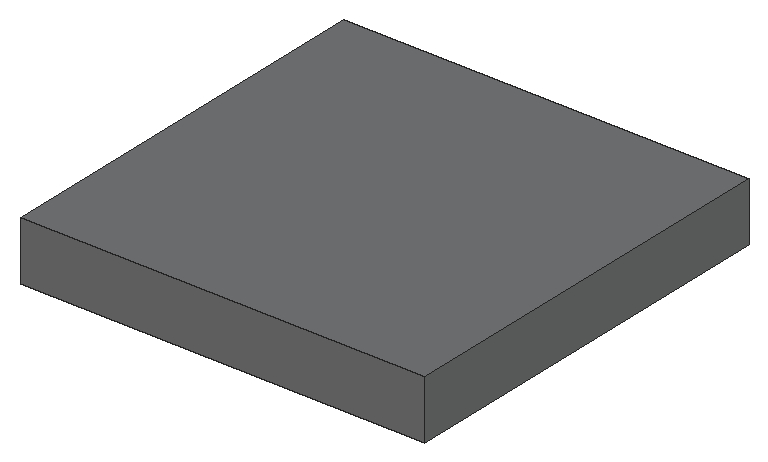
Revit family "Gira_536003", category Electrical Fixtures, host Face, Revit 2017
Family settings
  Host = Face
  Maintain Annotation Orientation = No
  Round Connector Dimension = Use Diameter
  Part Type = Normal
  Cut with Voids When Loaded = No
  Shared = No
  Room Calculation Point = No
Parameters (values of type "S3000 op.top System 55 p.white")
  With LED indication = "No"
  URL = "http://katalog.gira.de/en/datenblatt.html?artikelnr=536003"
  Transparent = "No"
  Suitable for application with venetian shutter switch = "Yes"
  Suitable for application with switch = "No"
  Suitable for application with dimmer = "No"
  Number of actuation points = "2"
  Name = "S3000 op.top System 55 p.white"
  Manufacturer URL = "https://www.gira.de/"
  Manufacturer = "Gira"
  Keynote = ""
  HeinzeBIM = "https://bimportal.heinze.de/bim/s3000-op-top-system-55-p-white/f022fe541311a86727d69f2116d000c4fe646f6a"
  HAN = "536003"
  GTIN = "4010337027218"
  Description = "S3000 op.top Sys55 PW,System 3000 operating top unit,,pure white glossy,"
  Default Elevation = 1219.2 mm
  Data sheet (1) = "https://katalog.gira.de/en/download.html?artikelnr=536003"
  Category = "Intelligent control element"
  BIM (1) = "https://media.stage.bim.site/public/gira/36a6b08/Sys55_Abdeckung_Schalten und Tasten.rfa?public/gira/36a6b08/Sys55_Abdeckung_Schalten und Tasten.rfa"
  Available = "No"
  Application = "Control of electrical users"
  Anthrazit [instance] = Anthrazit
Reference planes
  plane 1 "Center (Front/Back)": y = 0
  plane 2: z = 0
  plane 3 "Center (Left/Right)": x = 0
Forms (mm)
  Extrusion 1, solid, material "Anthrazit" <- "Anthrazit", detail levels fine
    sketch origin (0, 0, 0) x (1, 0, 0) y (0, 1, 0)
      loop
        line (-27.5, 27.5) -> (-27.5, -27.5) -> (27.5, -27.5) -> (27.5, 27.5) -> (-27.5, 27.5)
    from 0 to 8
  Extrusion 2, void
    sketch origin (0, 0, 0) x (1, 0, 0) y (0, 1, 0)
      loop
        line (26, 26) -> (-26, 26) -> (-26, -26) -> (26, -26) -> (26, 26)
    from 0 to 6
  Extrusion 3, solid, material "Anthrazit" <- "Anthrazit", detail levels medium
    sketch origin (0, 0, 0) x (1, 0, 0) y (0, 1, 0)
      loop
        line (-27.5, 27.5) -> (-27.5, -27.5) -> (27.5, -27.5) -> (27.5, 27.5) -> (-27.5, 27.5)
    from 0 to 8
  Extrusion 4, solid, material "Anthrazit" <- "Anthrazit", detail levels medium
    sketch origin (0, 0, 0) x (1, 0, 0) y (0, 1, 0)
      loop
        line (11, -17.5) -> (11, 17.5) -> (-11, 17.5) -> (-11, -17.5) -> (11, -17.5)
    from -6 to 6
  Extrusion 5, solid, material "Anthrazit" <- "Anthrazit", detail levels fine
    sketch origin (0, 0, 0) x (1, 0, 0) y (0, 1, 0)
      loop
        line (11, 17.5) -> (-11, 17.5) -> (-11, 16.5) -> (11, 16.5) -> (11, 17.5)
      loop
        line (-11, -16.5) -> (-11, -17.5) -> (11, -17.5) -> (11, -16.5) -> (-11, -16.5)
    from -4 to 6
  Extrusion 6, solid, material "Anthrazit" <- "Anthrazit", detail levels fine
    sketch origin (0, 0, 0) x (1, 0, 0) y (0, 1, 0)
      loop
        arc (5, 9.347) -> (0, 10.6) -> (-5, 9.347) r 10.6
        line (-5, 9.347) -> (-5, -9.347)
        arc (-5, -9.347) -> (0, -10.6) -> (5, -9.347) r 10.6
        line (5, -9.347) -> (5, 9.347)
    from -6 to 6
  Extrusion 7, solid, material "Anthrazit" <- "Anthrazit", detail levels coarse
    sketch origin (0, 0, 0) x (1, 0, 0) y (0, 1, 0)
      loop
        line (-27.5, 27.5) -> (-27.5, -27.5) -> (27.5, -27.5) -> (27.5, 27.5) -> (-27.5, 27.5)
    from -6 to 8
Cuts and joins
  Extrusion 2 cuts Extrusion 1
Dimensions and locks
  aligned and locked: plane 2 to host face
  aligned and locked: level to host face
